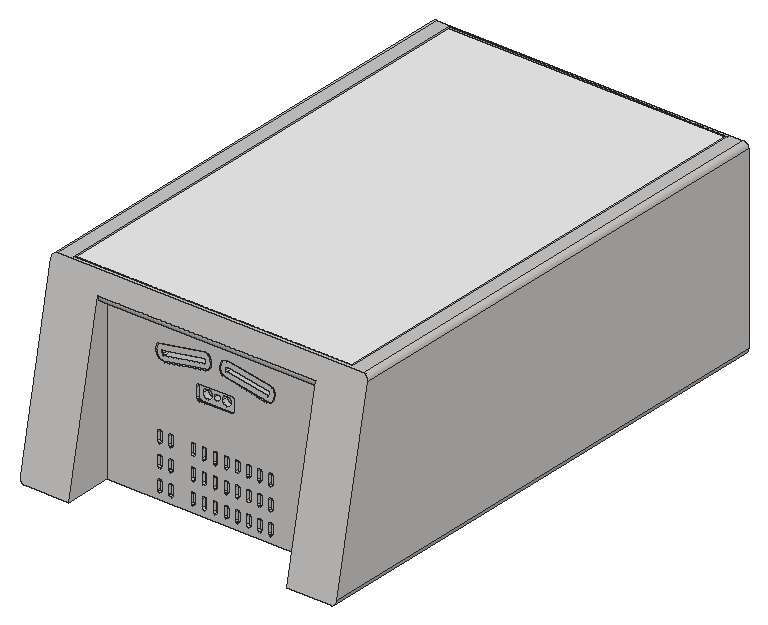
Revit family "PRD_FrankeWS_HndDrrs_EXOSElectronicHandDryer_EXOS220X_220B_220W", category Specialty Equipment, host Face, Revit 2018
Family settings
  Host = Face
  Round Connector Dimension = Use Diameter
  Part Type = Normal
  OmniClass Number = 23.40.20.21.14
  OmniClass Title = Hand and Hair Dryers
  Cut with Voids When Loaded = No
  Shared = No
  Room Calculation Point = No
Parameters (values of type "EXOS220W")
  WarrantyStartDate [instance] = "1900-12-31T23:59:59"
  WarrantyGuarantorParts = "n/a"
  WarrantyGuarantorLabor = "n/a"
  WarrantyDurationUnit = "year"
  WarrantyDurationParts = "n/a"
  WarrantyDurationLabor = "n/a"
  WarrantyDescription = "n/a"
  Voltage = 230 V
  Version = "1"
  Uniclass2015Version = "Products v1.17"
  Uniclass2015Title = "Hand dryers"
  Uniclass2015Code = "Pr_40_70_62_37"
  URL = "www.kwc.com"
  TypeOfOperation = "Sensor operation"
  TypeOfMounting = "Wall mounting"
  TypeOfFixing = "Screw"
  TotalPower = "1,000.00 watt"
  TagNumber [instance] = "n/a"
  SustainabilityPerformance = "n/a"
  SurfaceTreatment = "InoxPlus (anti fingerprint)"
  SoundLevel = "76.20 dB"
  Size = "200 x 325 x 120 mm"
  Shape = "n/a"
  SerialNumber [instance] = "n/a"
  Revision = "n/a"
  ReplacementCost = "n/a"
  RatedVoltage = "230 V"
  RatedCurrent = "0"
  ProtectiveSystemIP = "IPX1"
  ProductInformation = "https://pim.kwc.com/product/2030034660/attachment/datasheet?locale=en"
  PowerFactor = 1
  PanelMaterial = PRD_AR_Glass_White
  NumberOfPoles = "n/a"
  NominalWidth = 200.00 mm
  NominalHeight = 325.00 mm
  NominalFrequencyRange = "50-60 Hz"
  NominalDepth = 120.00 mm
  NetWeight = 4.92 kg
  Name = "EXOS Electronic Hand Dryer EXOS220W"
  NBSTypeID = "n/a"
  NBSReference = "45-35-72/334"
  NBSOfficeMasterTag = "n/a"
  NBSNote = "n/a"
  NBSDescription = "Hand dryers"
  NBSCertification = "n/a"
  MotorPower = "500.00 watt"
  ModelReference = "EXOS220W"
  ModelNumber = "2030034660"
  Model = ModelReference  # "EXOS220W"
  MaterialThickness = "1.20 mm"
  MaterialCode = "1.4301"
  Material = "Stainless steel"
  ManufacturerURL = "www.kwc.com"
  ManufacturerName = "KWC Group AG"  # constant formula
  Manufacturer = ManufacturerName  # "KWC Group AG"
  LoadClassification = Other
  IntegralAccessories = "cable and plug not included"
  InsulationStandardClass = "n/a"
  InstallationDate [instance] = "1900-12-31T23:59:59"
  InputSupplyVoltageV = "220.00 volt"
  InputSupplyVoltageHz = "50.00 hertz"
  IfcExportType = "HANDDRYER"
  IfcExportAs = "IfcElectricApplianceType"
  IP_Code = "IPX1"
  IK_Code = "n/a"
  HeatingPower = "500.00 watt"
  HasProtectiveEarth = "n/a"
  GrossWeight = 6.07 kg
  Grade = "n/a"
  Finish = "satin finished"
  Features = "Stainless steel, surface satin finished"
  ExpectedLife = "n/a"
  DurationUnit = "year"
  DispenserMaterial = PRD_AR_StainlessSteel_SatinFinished
  Description = "Hand dryer for wall mounting, stainless steel with satin-finish, white safety glass front panel and casing with InoxPlus surface refinement for the reduction of finger marks and better cleaning characteristics (easy to clean), material thickness 1.2 mm, with contactless opto-electronic sensor for touch-free operation, adjustable hot air temperature, sensor range adjustable from 10 to 25 cm, protection from continuous operation with automatic switch-off after 60 seconds, air speed adjustable, cable and plug not included."
  Default Elevation = 1200.00 mm
  CreatedOn = "05/2020"  # constant formula
  Constituents = "n/a"
  ConnectionVoltage = "230 V, 50-60 Hz"
  ConductorFunction = "n/a"
  Color = "n/a"
  CodePerformance = "n/a"
  Category = "Pr_40_70_62_37, Hand dryers"
  BarCode [instance] = "n/a"
  BIMObjectName = "PRD_AR_HndDrrs_EXOSElectronicHandDryer_EXOS220W"
  Author = "Archispace"  # constant formula
  AssetType = "Fixed"
  AssetIdentifier [instance] = "n/a"
  ApparentLoad = 0 VA
  AirVolume = "80 m3/h"
  AirVelocity = "Adjustable, 95-115 m/s"
  AccessibilityPerformance = "n/a"
Types (3, lengths in mm): name | ProductInformation | PanelMaterial | NetWeight | Name | ModelReference | ModelNumber | Model | GrossWeight | Description | BIMObjectName
  EXOS220X | "https://pim.kwc.com/product/2030027981/attachment/datasheet?locale=en" | PRD_AR_StainlessSteel_SatinFinished | 4.35 kg | "EXOS Electronic Hand Dryer EXOS220X" | "EXOS220X" | "2030027981" | "EXOS220X" | 5.42 kg | "Hand dryer for wall mounting, stainless steel with satin-finish and InoxPlus surface refinement for the reduction of finger marks and better cleaning characteristics (easy to clean), material thickness 1.2 mm, with contactless opto-electronic sensor for touch-free operation, adjustable hot air temperature, sensor range adjustable from 10 to 25 cm, protection from continuous operation with automatic switch-off after 60 seconds, air speed adjustable, cable and plug not included." | "PRD_AR_HndDrrs_EXOSElectronicHandDryer_EXOS220X"
  EXOS220B | "https://pim.kwc.com/product/2030034622/attachment/datasheet?locale=en" | PRD_AR_Glass_Black | 4.92 kg | "EXOS Electronic Hand Dryer EXOS220B" | "EXOS220B" | "2030034622" | "EXOS220B" | 6.07 kg | "Hand dryer for wall mounting, stainless steel with satin-finish, black safety glass front panel and casing with InoxPlus surface refinement for the reduction of finger marks and better cleaning characteristics (easy to clean), material thickness 1.2 mm, with contactless opto-electronic sensor for touch-free operation, adjustable hot air temperature, sensor range adjustable from 10 to 25 cm, protection from continuous operation with automatic switch-off after 60 seconds, air speed adjustable, cable and plug not included." | "PRD_AR_HndDrrs_EXOSElectronicHandDryer_EXOS220B"
  EXOS220W | "https://pim.kwc.com/product/2030034660/attachment/datasheet?locale=en" | PRD_AR_Glass_White | 4.92 kg | "EXOS Electronic Hand Dryer EXOS220W" | "EXOS220W" | "2030034660" | "EXOS220W" | 6.07 kg | "Hand dryer for wall mounting, stainless steel with satin-finish, white safety glass front panel and casing with InoxPlus surface refinement for the reduction of finger marks and better cleaning characteristics (easy to clean), material thickness 1.2 mm, with contactless opto-electronic sensor for touch-free operation, adjustable hot air temperature, sensor range adjustable from 10 to 25 cm, protection from continuous operation with automatic switch-off after 60 seconds, air speed adjustable, cable and plug not included." | "PRD_AR_HndDrrs_EXOSElectronicHandDryer_EXOS220W"
Reference planes
  plane 1 "Center (Front/Back)": y = 0
  plane 2: z = 0
  plane 3 "Center (Left/Right)": x = 0
Dimensions and locks
  aligned and locked: plane 2 to host face
  aligned and locked: level to host face
Nested families
  nested 1: "EXOS220" at (0, 0, 0), type "EXOS220"
Connectors
  electrical at (0, -73.75, 0), driven by "LoadClassification", driven by "Voltage", driven by "PowerFactor", driven by "ApparentLoad"
    settings: on nested 1, index 1, voltage 230 V, apparent load 0 VA, apparent load phase1 0 VA, apparent load phase2 0 VA, apparent load phase3 0 VA, power factor 1, load classification "Other", number of poles 1, system type 30, power factor state 1, is connector primary yes, connector utility no, sub classification motor no, connector description ""
Definition of nested family "EXOS220"
  Parameters (values of type "EXOS637")
    Material = none
    FrontMaterial = none
  Reference planes
    plane 1 "Center (Front/Back)": y = 0
    plane 2: z = 0
    plane 3 "Center (Left/Right)": x = 0
    plane 4: z = 116
  Forms (mm)
    Extrusion 1, solid, material <- "Material", detail levels fine
      sketch origin (0, 0, 0) x (1, 0, 0) y (0, 0, 1)
        loop
          line (-96.5, 0) -> (96.5, 0)
          arc (96.5, 0) -> (98.975, 1.025) -> (100, 3.5) r 3.5
          line (100, 3.5) -> (100, 116.5)
          arc (100, 116.5) -> (98.975, 118.975) -> (96.5, 120) r 3.5
          line (96.5, 120) -> (-96.5, 120)
          arc (-96.5, 120) -> (-98.975, 118.975) -> (-100, 116.5) r 3.5
          line (-100, 116.5) -> (-100, 3.5)
          arc (-100, 3.5) -> (-98.975, 1.025) -> (-96.5, 0) r 3.5
      from -162.5 to 162.5
    Extrusion 2, void
      sketch origin (0, 0, 0) x (0, 1, 0) y (0, 0, 1)
        loop
          line (-136.786, 120) -> (-162.5, 120) -> (-162.5, 0) -> (-136.786, 120)
      from -100 to 150
    Extrusion 3, void
      sketch origin (0, 0, 0) x (1, 0, 0) y (0, 0, 1)
        loop
          line (88, 120) -> (-88, 120) -> (-88, 116) -> (88, 116) -> (88, 120)
      from -161 to 134.79
    Extrusion 4, solid, material <- "FrontMaterial", detail levels medium+fine
      sketch origin (0, 0, 0) x (1, 0, 0) y (0, 0, 1)
        loop
          line (-87, 120) -> (-87, 116) -> (87, 116) -> (87, 120) -> (-87, 120)
      from -160 to 133.79
    Extrusion 5, void
      sketch origin (0, 0, 0) x (1, 0, 0) y (0, 0, 1)
        loop
          line (-68.7, 0) -> (68.7, 0) -> (68.7, 107) -> (-68.7, 107) -> (-68.7, 0)
      from 132.5 to 250
    Extrusion 6, solid, material <- "Material", detail levels fine
      sketch origin (0, 0, 0) x (0, 1, 0) y (0, 0, 1)
        loop
          line (-132.5, 102.8) -> (-132.5, 107) -> (-139.571, 107)
          arc (-139.571, 107) -> (-138.853, 104.086) -> (-136.142, 102.8) r 3.5
          line (-136.142, 102.8) -> (-132.5, 102.8)
      from -68.7 to 68.7
    Extrusion 7, void
      sketch origin (0, 0, 0) x (1, 0, 0) y (0, 0, 1)
        loop
          arc (-34.107, 89.386) -> (-37.012, 87.535) -> (-37.757, 84.173) r 4.5
          line (-37.757, 84.173) -> (-37.462, 82.498)
          arc (-37.462, 82.498) -> (-35.611, 79.594) -> (-32.248, 78.848) r 4.5
          line (-32.248, 78.848) -> (-6.279, 83.429)
          arc (-6.279, 83.429) -> (-3.284, 85.248) -> (-2.501, 88.664) r 4.5
          line (-2.501, 88.664) -> (-2.788, 90.29)
          arc (-2.788, 90.29) -> (-4.627, 93.228) -> (-8.009, 93.987) r 4.5
          line (-8.009, 93.987) -> (-34.107, 89.386)
        loop
          arc (-33.968, 88.598) -> (-36.356, 87.076) -> (-36.969, 84.311) r 3.7
          line (-36.969, 84.311) -> (-36.674, 82.637)
          arc (-36.674, 82.637) -> (-35.152, 80.249) -> (-32.387, 79.636) r 3.7
          line (-32.387, 79.636) -> (-6.406, 84.219)
          arc (-6.406, 84.219) -> (-3.936, 85.712) -> (-3.289, 88.525) r 3.7
          line (-3.289, 88.525) -> (-3.577, 90.156)
          arc (-3.577, 90.156) -> (-5.088, 92.574) -> (-7.87, 93.199) r 3.7
          line (-7.87, 93.199) -> (-33.968, 88.598)
        loop
          arc (-33.447, 85.643) -> (-33.899, 85.355) -> (-34.015, 84.832) r 0.7
          line (-34.015, 84.832) -> (-33.719, 83.158)
          arc (-33.719, 83.158) -> (-33.432, 82.706) -> (-32.909, 82.59) r 0.7
          line (-32.909, 82.59) -> (-6.862, 87.185)
          arc (-6.862, 87.185) -> (-6.374, 87.459) -> (-6.243, 88.003) r 0.7
          line (-6.243, 88.003) -> (-6.536, 89.659)
          arc (-6.536, 89.659) -> (-6.819, 90.124) -> (-7.349, 90.245) r 0.7
          line (-7.349, 90.245) -> (-33.447, 85.643)
        loop
          line (34.107, 89.386) -> (8.009, 93.987)
          arc (8.009, 93.987) -> (4.627, 93.228) -> (2.788, 90.29) r 4.5
          line (2.788, 90.29) -> (2.501, 88.664)
          arc (2.501, 88.664) -> (3.284, 85.248) -> (6.279, 83.429) r 4.5
          line (6.279, 83.429) -> (32.248, 78.848)
          arc (32.248, 78.848) -> (35.611, 79.594) -> (37.462, 82.498) r 4.5
          line (37.462, 82.498) -> (37.757, 84.173)
          arc (37.757, 84.173) -> (37.012, 87.535) -> (34.107, 89.386) r 4.5
        loop
          line (33.968, 88.598) -> (7.87, 93.199)
          arc (7.87, 93.199) -> (5.088, 92.574) -> (3.577, 90.156) r 3.7
          line (3.577, 90.156) -> (3.289, 88.525)
          arc (3.289, 88.525) -> (3.936, 85.712) -> (6.406, 84.219) r 3.7
          line (6.406, 84.219) -> (32.387, 79.636)
          arc (32.387, 79.636) -> (35.152, 80.249) -> (36.674, 82.637) r 3.7
          line (36.674, 82.637) -> (36.969, 84.311)
          arc (36.969, 84.311) -> (36.356, 87.076) -> (33.968, 88.598) r 3.7
        loop
          line (33.447, 85.643) -> (7.349, 90.245)
          arc (7.349, 90.245) -> (6.819, 90.124) -> (6.536, 89.659) r 0.7
          line (6.536, 89.659) -> (6.243, 88.003)
          arc (6.243, 88.003) -> (6.374, 87.459) -> (6.862, 87.185) r 0.7
          line (6.862, 87.185) -> (32.909, 82.59)
          arc (32.909, 82.59) -> (33.432, 82.706) -> (33.719, 83.158) r 0.7
          line (33.719, 83.158) -> (34.015, 84.832)
          arc (34.015, 84.832) -> (33.899, 85.355) -> (33.447, 85.643) r 0.7
      from 127.5 to 132.5
    Extrusion 8, void
      sketch origin (0, 0, 0) x (1, 0, 0) y (0, 0, 1)
        loop
          arc (-10, 74.5) -> (-11.414, 73.914) -> (-12, 72.5) r 2
          line (-12, 72.5) -> (-12, 66.5)
          arc (-12, 66.5) -> (-11.414, 65.086) -> (-10, 64.5) r 2
          line (-10, 64.5) -> (10, 64.5)
          arc (10, 64.5) -> (11.414, 65.086) -> (12, 66.5) r 2
          line (12, 66.5) -> (12, 72.5)
          arc (12, 72.5) -> (11.414, 73.914) -> (10, 74.5) r 2
          line (10, 74.5) -> (-10, 74.5)
      from 131 to 132.5
    Extrusion 9, void
      sketch origin (0, 0, 0) x (1, 0, 0) y (0, 0, 1)
        loop
          line (-33.5, 33.5) -> (-33.5, 38.5)
          arc (-33.5, 38.5) -> (-35, 40) -> (-36.5, 38.5) r 1.5
          line (-36.5, 38.5) -> (-36.5, 33.5)
          arc (-36.5, 33.5) -> (-35, 32) -> (-33.5, 33.5) r 1.5
        loop
          line (-26.5, 33.5) -> (-26.5, 38.5)
          arc (-26.5, 38.5) -> (-28, 40) -> (-29.5, 38.5) r 1.5
          line (-29.5, 38.5) -> (-29.5, 33.5)
          arc (-29.5, 33.5) -> (-28, 32) -> (-26.5, 33.5) r 1.5
        loop
          line (-12.5, 33.5) -> (-12.5, 38.5)
          arc (-12.5, 38.5) -> (-14, 40) -> (-15.5, 38.5) r 1.5
          line (-15.5, 38.5) -> (-15.5, 33.5)
          arc (-15.5, 33.5) -> (-14, 32) -> (-12.5, 33.5) r 1.5
        loop
          line (-5.5, 33.5) -> (-5.5, 38.5)
          arc (-5.5, 38.5) -> (-7, 40) -> (-8.5, 38.5) r 1.5
          line (-8.5, 38.5) -> (-8.5, 33.5)
          arc (-8.5, 33.5) -> (-7, 32) -> (-5.5, 33.5) r 1.5
        loop
          line (1.5, 33.5) -> (1.5, 38.5)
          arc (1.5, 38.5) -> (0, 40) -> (-1.5, 38.5) r 1.5
          line (-1.5, 38.5) -> (-1.5, 33.5)
          arc (-1.5, 33.5) -> (0, 32) -> (1.5, 33.5) r 1.5
        loop
          line (8.5, 33.5) -> (8.5, 38.5)
          arc (8.5, 38.5) -> (7, 40) -> (5.5, 38.5) r 1.5
          line (5.5, 38.5) -> (5.5, 33.5)
          arc (5.5, 33.5) -> (7, 32) -> (8.5, 33.5) r 1.5
        loop
          line (15.5, 33.5) -> (15.5, 38.5)
          arc (15.5, 38.5) -> (14, 40) -> (12.5, 38.5) r 1.5
          line (12.5, 38.5) -> (12.5, 33.5)
          arc (12.5, 33.5) -> (14, 32) -> (15.5, 33.5) r 1.5
        loop
          line (22.5, 33.5) -> (22.5, 38.5)
          arc (22.5, 38.5) -> (21, 40) -> (19.5, 38.5) r 1.5
          line (19.5, 38.5) -> (19.5, 33.5)
          arc (19.5, 33.5) -> (21, 32) -> (22.5, 33.5) r 1.5
        loop
          line (29.5, 33.5) -> (29.5, 38.5)
          arc (29.5, 38.5) -> (28, 40) -> (26.5, 38.5) r 1.5
          line (26.5, 38.5) -> (26.5, 33.5)
          arc (26.5, 33.5) -> (28, 32) -> (29.5, 33.5) r 1.5
        loop
          line (36.5, 33.5) -> (36.5, 38.5)
          arc (36.5, 38.5) -> (35, 40) -> (33.5, 38.5) r 1.5
          line (33.5, 38.5) -> (33.5, 33.5)
          arc (33.5, 33.5) -> (35, 32) -> (36.5, 33.5) r 1.5
        loop
          line (-33.5, 19.5) -> (-33.5, 24.5)
          arc (-33.5, 24.5) -> (-35, 26) -> (-36.5, 24.5) r 1.5
          line (-36.5, 24.5) -> (-36.5, 19.5)
          arc (-36.5, 19.5) -> (-35, 18) -> (-33.5, 19.5) r 1.5
        loop
          line (-26.5, 19.5) -> (-26.5, 24.5)
          arc (-26.5, 24.5) -> (-28, 26) -> (-29.5, 24.5) r 1.5
          line (-29.5, 24.5) -> (-29.5, 19.5)
          arc (-29.5, 19.5) -> (-28, 18) -> (-26.5, 19.5) r 1.5
        loop
          line (-12.5, 19.5) -> (-12.5, 24.5)
          arc (-12.5, 24.5) -> (-14, 26) -> (-15.5, 24.5) r 1.5
          line (-15.5, 24.5) -> (-15.5, 19.5)
          arc (-15.5, 19.5) -> (-14, 18) -> (-12.5, 19.5) r 1.5
        loop
          line (-5.5, 19.5) -> (-5.5, 24.5)
          arc (-5.5, 24.5) -> (-7, 26) -> (-8.5, 24.5) r 1.5
          line (-8.5, 24.5) -> (-8.5, 19.5)
          arc (-8.5, 19.5) -> (-7, 18) -> (-5.5, 19.5) r 1.5
        loop
          line (1.5, 19.5) -> (1.5, 24.5)
          arc (1.5, 24.5) -> (0, 26) -> (-1.5, 24.5) r 1.5
          line (-1.5, 24.5) -> (-1.5, 19.5)
          arc (-1.5, 19.5) -> (0, 18) -> (1.5, 19.5) r 1.5
        loop
          line (8.5, 19.5) -> (8.5, 24.5)
          arc (8.5, 24.5) -> (7, 26) -> (5.5, 24.5) r 1.5
          line (5.5, 24.5) -> (5.5, 19.5)
          arc (5.5, 19.5) -> (7, 18) -> (8.5, 19.5) r 1.5
        loop
          line (15.5, 19.5) -> (15.5, 24.5)
          arc (15.5, 24.5) -> (14, 26) -> (12.5, 24.5) r 1.5
          line (12.5, 24.5) -> (12.5, 19.5)
          arc (12.5, 19.5) -> (14, 18) -> (15.5, 19.5) r 1.5
        loop
          line (22.5, 19.5) -> (22.5, 24.5)
          arc (22.5, 24.5) -> (21, 26) -> (19.5, 24.5) r 1.5
          line (19.5, 24.5) -> (19.5, 19.5)
          arc (19.5, 19.5) -> (21, 18) -> (22.5, 19.5) r 1.5
        loop
          line (29.5, 19.5) -> (29.5, 24.5)
          arc (29.5, 24.5) -> (28, 26) -> (26.5, 24.5) r 1.5
          line (26.5, 24.5) -> (26.5, 19.5)
          arc (26.5, 19.5) -> (28, 18) -> (29.5, 19.5) r 1.5
        loop
          line (36.5, 19.5) -> (36.5, 24.5)
          arc (36.5, 24.5) -> (35, 26) -> (33.5, 24.5) r 1.5
          line (33.5, 24.5) -> (33.5, 19.5)
          arc (33.5, 19.5) -> (35, 18) -> (36.5, 19.5) r 1.5
        loop
          line (-33.5, 5.5) -> (-33.5, 10.5)
          arc (-33.5, 10.5) -> (-35, 12) -> (-36.5, 10.5) r 1.5
          line (-36.5, 10.5) -> (-36.5, 5.5)
          arc (-36.5, 5.5) -> (-35, 4) -> (-33.5, 5.5) r 1.5
        loop
          line (-26.5, 5.5) -> (-26.5, 10.5)
          arc (-26.5, 10.5) -> (-28, 12) -> (-29.5, 10.5) r 1.5
          line (-29.5, 10.5) -> (-29.5, 5.5)
          arc (-29.5, 5.5) -> (-28, 4) -> (-26.5, 5.5) r 1.5
        loop
          line (-12.5, 5.5) -> (-12.5, 10.5)
          arc (-12.5, 10.5) -> (-14, 12) -> (-15.5, 10.5) r 1.5
          line (-15.5, 10.5) -> (-15.5, 5.5)
          arc (-15.5, 5.5) -> (-14, 4) -> (-12.5, 5.5) r 1.5
        loop
          line (-5.5, 5.5) -> (-5.5, 10.5)
          arc (-5.5, 10.5) -> (-7, 12) -> (-8.5, 10.5) r 1.5
          line (-8.5, 10.5) -> (-8.5, 5.5)
          arc (-8.5, 5.5) -> (-7, 4) -> (-5.5, 5.5) r 1.5
        loop
          line (1.5, 5.5) -> (1.5, 10.5)
          arc (1.5, 10.5) -> (0, 12) -> (-1.5, 10.5) r 1.5
          line (-1.5, 10.5) -> (-1.5, 5.5)
          arc (-1.5, 5.5) -> (0, 4) -> (1.5, 5.5) r 1.5
        loop
          line (8.5, 5.5) -> (8.5, 10.5)
          arc (8.5, 10.5) -> (7, 12) -> (5.5, 10.5) r 1.5
          line (5.5, 10.5) -> (5.5, 5.5)
          arc (5.5, 5.5) -> (7, 4) -> (8.5, 5.5) r 1.5
        loop
          line (15.5, 5.5) -> (15.5, 10.5)
          arc (15.5, 10.5) -> (14, 12) -> (12.5, 10.5) r 1.5
          line (12.5, 10.5) -> (12.5, 5.5)
          arc (12.5, 5.5) -> (14, 4) -> (15.5, 5.5) r 1.5
        loop
          line (22.5, 5.5) -> (22.5, 10.5)
          arc (22.5, 10.5) -> (21, 12) -> (19.5, 10.5) r 1.5
          line (19.5, 10.5) -> (19.5, 5.5)
          arc (19.5, 5.5) -> (21, 4) -> (22.5, 5.5) r 1.5
        loop
          line (29.5, 5.5) -> (29.5, 10.5)
          arc (29.5, 10.5) -> (28, 12) -> (26.5, 10.5) r 1.5
          line (26.5, 10.5) -> (26.5, 5.5)
          arc (26.5, 5.5) -> (28, 4) -> (29.5, 5.5) r 1.5
        loop
          line (36.5, 5.5) -> (36.5, 10.5)
          arc (36.5, 10.5) -> (35, 12) -> (33.5, 10.5) r 1.5
          line (33.5, 10.5) -> (33.5, 5.5)
          arc (33.5, 5.5) -> (35, 4) -> (36.5, 5.5) r 1.5
      from 131 to 132.5
    Extrusion 10, void
      sketch origin (0, 0, 0) x (1, 0, 0) y (0, 0, 1)
        loop
          circle (0, 69.5) r 2
        loop
          circle (-6, 69.5) r 3
        loop
          circle (6, 69.5) r 3
      from 127.5 to 132.5
    Extrusion 11, solid, material <- "Material", detail levels medium
      sketch origin (0, 0, 0) x (1, 0, 0) y (0, 0, 1)
        loop
          line (-96.5, 0) -> (96.5, 0)
          arc (96.5, 0) -> (98.975, 1.025) -> (100, 3.5) r 3.5
          line (100, 3.5) -> (100, 120) -> (-100, 120) -> (-100, 3.5)
          arc (-100, 3.5) -> (-98.975, 1.025) -> (-96.5, 0) r 3.5
      from -162.5 to 162.5
    Extrusion 12, solid, material <- "Material", detail levels coarse
      sketch origin (0, 0, 0) x (1, 0, 0) y (0, 0, 1)
        loop
          line (-96.5, 0) -> (96.5, 0)
          arc (96.5, 0) -> (98.975, 1.025) -> (100, 3.5) r 3.5
          line (100, 3.5) -> (100, 120) -> (-100, 120) -> (-100, 3.5)
          arc (-100, 3.5) -> (-98.975, 1.025) -> (-96.5, 0) r 3.5
      from -162.5 to 162.5
  Cuts and joins
    Extrusion 2, Extrusion 3, Extrusion 5, Extrusion 7, Extrusion 8, Extrusion 9, Extrusion 10 cuts Extrusion 1
    joined: Extrusion 1, Extrusion 6
    Extrusion 2 cuts Extrusion 4
    Extrusion 2, Extrusion 3, Extrusion 5 cuts Extrusion 11
    Extrusion 2 cuts Extrusion 12
  Dimensions and locks
    aligned and locked: level to plane 2
